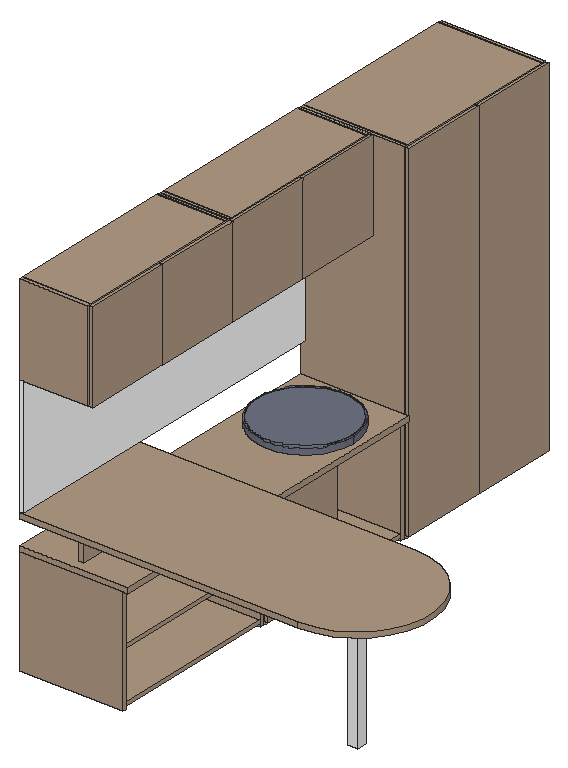
Revit family "T100066", category Furniture, Revit 2013
Parameters (values of type "T100066")
  Width = 108"
  URL = "http://www.ofsbrands.com/"
  Top Core Material = OFS BRANDS STACKS Top Core Wood
  Roll Material = OFS BRANDS STACKS Roll Plastic
  Pull Material = OFS BRANDS STACKS Pull Metal
  Model = "T100066"
  Manufacturer = "FIRST OFFICE"
  Lock Material = OFS BRANDS STACKSLock Metal
  Height = 72"
  Glides Material = OFS BRANDS STACKS Glide Plastic
  Feet Material = OFS BRANDS STACKS Feet Metal
  Drawer Front Material = OFS BRANDS STACKS Drawer Front Wood
  Description = "OFS BRANDS FIRST OFFICE STACKS TYPICAL T100066"
  Depth = 72"
  Cushion Material = OFS BRANDS STACKS Cushion Fabric
  Copyright © = "© 2018 OFS BRANDS"
  Conector Clip Material = OFS BRANDS STACKS Conector Clip Metal
  Chassis Material = OFS BRANDS STACKS Chassis Wood
  Catalog = "http://ofsbrands.com/products/casegoods/private-office/staks-private-office"
  Grommet  Material = OFS BRANDS STACKS Grommet Metal
  Back Coverage Material = OFS BRANDS STACKS Back Coverage Plastic
  Authoring Version = "Autodesk Revit Architecture 2013"
  Assembly Code = "E2020200"
Reference planes (in)
  plane 1 "Center (Front/Back)": y = 0
  plane 2: z = 0
  plane 3 "Center (Left/Right)": x = 0
Forms (in)
  Extrusion 1, solid, material "OFS BRANDS STACKS Top Core Wood" <- "Top Core Material"
    sketch origin (123.1105, -16.33743, 0) x (0, -1, 0) y (1, 0, 0)
      loop
        line (37.66257, -159.11168) -> (37.66257, -102.11051)
        arc (37.66257, -102.11051) -> (22.66257, -87.11051) -> (7.66257, -102.11051) r 15
        line (7.66257, -102.11051) -> (7.66257, -159.11168) -> (37.66257, -159.11168)
    from 27.875 to 29.00005
  Extrusion 2, solid, material "OFS BRANDS STACKS Feet Metal" <- "Feet Material"
    sketch origin (-135.22846, -82.23709, 0) x (0, -1, 0) y (1, 0, 0)
      loop
        line (-42.23709, 157.2286) -> (-44.23709, 157.2286) -> (-44.23709, 155.22846) -> (-42.23709, 155.22846) -> (-42.23709, 157.2286)
    from 0 to 27.6807
  Extrusion 3, solid, material "OFS BRANDS STACKS Feet Metal" <- "Feet Material"
    sketch origin (-135.22846, -82.23709, 27.625) x (0, -1, 0) y (1, 0, 0)
      loop
        line (-40.98709, 158.47846) -> (-45.48709, 158.47846) -> (-45.48709, 153.97846) -> (-40.98709, 153.97846) -> (-40.98709, 158.47846)
    from 0 to 0.25
  Extrusion 4, solid, material "OFS BRANDS STACKS Chassis Wood" <- "Chassis Material"
    sketch origin (-42.98351, -34.56252, -52.91) x (-1, 0, 0) y (0, 0, 1)
      loop
        line (-8.98351, 75.90999) -> (-8.98351, 80.78499) -> (-17.48351, 80.78499) -> (-17.48351, 75.90999) -> (-8.98351, 75.90999)
    from -4.93748 to -3.93748
  Extrusion 5, solid, material "OFS BRANDS STACKS Chassis Wood" <- "Chassis Material"
    sketch origin (-29.43748, -21.01649, -52.91) x (0, 1, 0) y (0, 0, -1)
      loop
        line (-4.98351, -75.90999) -> (-30.98351, -75.90999) -> (-30.98351, -80.78499) -> (-4.98351, -80.78499) -> (-4.98351, -75.90999)
    from -4.93748 to -3.93748
  Extrusion 6, solid, material "OFS BRANDS STACKS Top Core Wood" <- "Top Core Material"
    sketch origin (-167.10836, 51.58939, -6.00005) x (0, 1, 0) y (-1, 0, 0)
      loop
        line (-33.58838, -153.11051) -> (-33.58838, -131.11051) -> (-105.58838, -131.11051) -> (-105.58838, -153.11051) -> (-33.58838, -153.11051)
    from 27.875 to 29.00005
  Extrusion 7, solid, material "OFS BRANDS STACKS Cushion Fabric" <- "Cushion Material"
    sketch origin (-167.10836, 51.58939, -4.875) x (0, 1, 0) y (-1, 0, 0)
      loop
        circle (-46.16636, -142.00903) r 9.74359
    from 27.875 to 29.37503
  Sweep 8, solid, material "OFS BRANDS STACKS Cushion Fabric" <- "Cushion Material"
    path in 3D
      loop
        arc (-34.84292, 5.42302, 24.50003) -> (-25.09933, 15.16661, 24.50003) -> (-15.35574, 5.42302, 24.50003) r 9.74359
        arc (-15.35574, 5.42302, 24.50003) -> (-25.09933, -4.32057, 24.50003) -> (-34.84292, 5.42302, 24.50003) r 9.74359
    profile origin (-25.09933, -4.32057, 24.50003) x (0, -1, 0) y (0, 0, 1)
      loop
        line (0, -1.50003) -> (0.2331, -1.50003) -> (0.2331, -0.25)
        arc (0.2331, -0.25) -> (0.16578, -0.07909) -> (0, 0) r 0.25061
        line (0, 0) -> (0, -1.50003)
  Extrusion 9, solid, material "OFS BRANDS STACKS Chassis Wood" <- "Chassis Material"
    sketch origin (-42.63476, 19.1853, -56.125) x (-1, 0, 0) y (0, 0, 1)
      loop
        line (-6.63476, 56.125) -> (-6.63476, 128.125) -> (-27.88476, 128.125) -> (-27.88476, 56.125) -> (-6.63476, 56.125)
    from -1.1875 to -0.4375
  Extrusion 10, solid, material "OFS BRANDS STACKS Chassis Wood" <- "Chassis Material"
    sketch origin (-42.63476, 52.8125, -56.125) x (-1, 0, 0) y (0, 0, -1)
      loop
        line (-6.63476, -56.125) -> (-27.88476, -56.125) -> (-27.88476, -128.125) -> (-6.63476, -128.125) -> (-6.63476, -56.125)
    from -1.1875 to -0.4375
  Extrusion 11, solid, material "OFS BRANDS STACKS Chassis Wood" <- "Chassis Material"
    sketch origin (-34.75, 59.88477, -56.125) x (0, 1, 0) y (0, 0, 1)
      loop
        line (-6.63476, 56.125) -> (-6.63476, 127.375) -> (-41.13697, 127.375) -> (-41.13697, 56.125) -> (-6.63476, 56.125)
    from -1.1875 to -0.4375
  Extrusion 12, solid, material "OFS BRANDS STACKS Chassis Wood" <- "Chassis Material"
    sketch origin (92.1875, 59.88477, 70.8125) x (1, 0, 0) y (0, -1, 0)
      loop
        line (-106.9375, 6.63476) -> (-106.9375, 41.13697) -> (-128.1875, 41.13697) -> (-128.1875, 6.63476) -> (-106.9375, 6.63476)
    from -1.1875 to -0.4375
  Extrusion 13, solid, material "OFS BRANDS STACKS Drawer Front Wood" <- "Drawer Front Material"
    sketch origin (-15.3075, -30.50671, 1.62228) x (0, -1, 0) y (0, 0, 1)
      loop
        line (-84.4442, 70.31522) -> (-84.4442, -0.87228) -> (-66.56921, -0.87228) -> (-66.56921, 70.31522) -> (-84.4442, 70.31522)
    from -1.3075 to -0.5575
  Extrusion 14, solid, material "OFS BRANDS STACKS Chassis Wood" <- "Chassis Material"
    sketch origin (92.1875, 59.88477, 0.0625) x (1, 0, 0) y (0, -1, 0)
      loop
        line (-106.9375, 6.63476) -> (-106.9375, 41.13697) -> (-127.375, 41.13697) -> (-127.375, 6.63476) -> (-106.9375, 6.63476)
    from -1.1875 to -0.4375
  Extrusion 15, solid, material "OFS BRANDS STACKS Drawer Front Wood" <- "Drawer Front Material"
    sketch origin (-15.3075, -48.5067, 1.62228) x (0, -1, 0) y (0, 0, 1)
      loop
        line (-84.4442, 70.31522) -> (-84.4442, -0.87228) -> (-66.56921, -0.87228) -> (-66.56921, 70.31522) -> (-84.4442, 70.31522)
    from -1.3075 to -0.5575
  Extrusion 16, solid, material "OFS BRANDS STACKS Chassis Wood" <- "Chassis Material"
    sketch origin (-34.81368, 24.98235, -52.91) x (0, 1, 0) y (0, 0, 1)
      loop
        line (-7.73233, 52.91) -> (-7.73233, 74.78494) -> (-42.23233, 74.78494) -> (-42.23233, 52.91) -> (-7.73233, 52.91)
    from -1.18749 to -0.43749
  Extrusion 17, solid, material "OFS BRANDS STACKS Chassis Wood" <- "Chassis Material"
    sketch origin (-42.98351, 16.81252, -52.91) x (-1, 0, 0) y (0, 0, -1)
      loop
        line (-6.98233, -52.91) -> (-28.12243, -52.91) -> (-28.12243, -74.78494) -> (-6.98233, -74.78494) -> (-6.98233, -52.91)
    from -1.18749 to -0.43749
  Extrusion 18, solid, material "OFS BRANDS STACKS Chassis Wood" <- "Chassis Material"
    sketch origin (-42.98351, -18.43748, -52.91) x (-1, 0, 0) y (0, 0, -1)
      loop
        line (-6.98233, -52.91) -> (-28.12243, -52.91) -> (-28.12243, -74.78494) -> (-6.98233, -74.78494) -> (-6.98233, -52.91)
    from -1.18749 to -0.43749
  Extrusion 19, solid, material "OFS BRANDS STACKS Chassis Wood" <- "Chassis Material"
    sketch origin (-42.98351, -19.18748, -52.91) x (-1, 0, 0) y (0, 0, -1)
      loop
        line (-6.98233, -52.91) -> (-28.12243, -52.91) -> (-28.12243, -74.78494) -> (-6.98233, -74.78494) -> (-6.98233, -52.91)
    from -1.18749 to -0.43749
  Extrusion 20, solid, material "OFS BRANDS STACKS Chassis Wood" <- "Chassis Material"
    sketch origin (-42.98351, -54.43748, -52.91) x (-1, 0, 0) y (0, 0, -1)
      loop
        line (-6.98233, -52.91) -> (-28.12243, -52.91) -> (-28.12243, -74.78494) -> (-6.98233, -74.78494) -> (-6.98233, -52.91)
    from -1.18749 to -0.43749
  Extrusion 21, solid, material "OFS BRANDS STACKS Chassis Wood" <- "Chassis Material"
    sketch origin (-34.79859, -60.98231, -52.91) x (0, -1, 0) y (0, 0, -1)
      loop
        line (-7.73233, -52.91) -> (-42.23233, -52.91) -> (-42.23233, -74.78494) -> (-7.73233, -74.78494) -> (-7.73233, -52.91)
    from -1.18749 to -0.43749
  Extrusion 22, solid, material "OFS BRANDS STACKS Drawer Front Wood" <- "Drawer Front Material"
    sketch origin (-15.43368, 51.28798, -12.50272) x (0, 1, 0) y (0, 0, -1)
      loop
        line (-69.22546, -34.37767) -> (-51.34948, -34.37767) -> (-51.34948, -13.25272) -> (-69.22546, -13.25272) -> (-69.22546, -34.37767)
    from -1.31082 to -0.5575
  Extrusion 23, solid, material "OFS BRANDS STACKS Top Core Wood" <- "Top Core Material"
    sketch origin (117.10933, -46.33743, -17.09147) x (0, -1, 0) y (1, 0, 0)
      loop
        line (6.91258, -152.34541) -> (6.91258, -132.12222) -> (-27.58741, -132.12222) -> (-27.58741, -152.34541) -> (6.91258, -152.34541)
    from 28.25005 to 29.00005
  Extrusion 24, solid, material "OFS BRANDS STACKS Top Core Wood" <- "Top Core Material"
    sketch origin (117.10933, -46.33743, -27.75005) x (0, -1, 0) y (1, 0, 0)
      loop
        line (6.91258, -152.34541) -> (6.91258, -132.12222) -> (-27.58741, -132.12222) -> (-27.58741, -152.34541) -> (6.91258, -152.34541)
    from 28.25005 to 29.00005
  Extrusion 25, solid, material "OFS BRANDS STACKS Top Core Wood" <- "Top Core Material"
    sketch origin (117.10933, 10.33747, -27.75005) x (0, 1, 0) y (-1, 0, 0)
      loop
        line (6.91258, 152.34541) -> (-27.58741, 152.34541) -> (-27.58741, 132.12222) -> (6.91258, 132.12222) -> (6.91258, 152.34541)
    from 28.25005 to 29.00005
  Extrusion 26, solid, material "OFS BRANDS STACKS Chassis Wood" <- "Chassis Material"
    sketch origin (-42.98351, -0.81153, -52.91) x (-1, 0, 0) y (0, 0, -1)
      loop
        line (-7.73233, -54.16) -> (-28.12243, -54.16) -> (-28.12243, -74.78494) -> (-7.73233, -74.78494) -> (-7.73233, -54.16)
    from -1.18749 to -0.43749
  Extrusion 27, solid, material "OFS BRANDS STACKS Chassis Wood" <- "Chassis Material"
    sketch origin (-49.88476, 16.8125, -56.125) x (-1, 0, 0) y (0, 0, -1)
      loop
        line (-13.88691, -109.6) -> (-27.88476, -109.6) -> (-27.88476, -128.125) -> (-13.88691, -128.125) -> (-13.88691, -109.6)
    from -1.1875 to -0.4375
  Extrusion 28, solid, material "OFS BRANDS STACKS Chassis Wood" <- "Chassis Material"
    sketch origin (84.9375, 23.88476, 70.8125) x (1, 0, 0) y (0, -1, 0)
      loop
        line (-106.9375, 6.63476) -> (-106.9375, 41.13477) -> (-120.93535, 41.13477) -> (-120.93535, 6.63476) -> (-106.9375, 6.63476)
    from -1.1875 to -0.12501
  Extrusion 29, solid, material "OFS BRANDS STACKS Drawer Front Wood" <- "Drawer Front Material"
    sketch origin (-22.5575, -66.50671, 1.62228) x (0, -1, 0) y (0, 0, 1)
      loop
        line (-84.4442, 70.31522) -> (-84.4442, 51.87772) -> (-66.56921, 51.87772) -> (-66.56921, 70.31522) -> (-84.4442, 70.31522)
    from -1.36751 to -0.5575
  Extrusion 30, solid, material "OFS BRANDS STACKS Chassis Wood" <- "Chassis Material"
    sketch origin (84.9375, 23.88476, 53.34999) x (1, 0, 0) y (0, -1, 0)
      loop
        line (-107, 6.63476) -> (-107, 41.13697) -> (-119.6875, 41.13697) -> (-119.6875, 6.63476) -> (-107, 6.63476)
    from -2.15001 to -1.40001
  Extrusion 31, solid, material "OFS BRANDS STACKS Chassis Wood" <- "Chassis Material"
    sketch origin (84.9375, 23.88476, 52.09999) x (1, 0, 0) y (0, -1, 0)
      loop
        line (-107.75, 6.63476) -> (-107.75, 41.13697) -> (-108.5, 41.13697) -> (-108.5, 6.63476) -> (-107.75, 6.63476)
    from -2.65001 to -1.40001
  Extrusion 32, solid, material "OFS BRANDS STACKS Drawer Front Wood" <- "Drawer Front Material"
    sketch origin (-22.5575, -84.50675, 1.62228) x (0, -1, 0) y (0, 0, 1)
      loop
        line (-84.4442, 70.31522) -> (-84.4442, 51.87772) -> (-66.56921, 51.87772) -> (-66.56921, 70.31522) -> (-84.4442, 70.31522)
    from -1.36751 to -0.5575
  Extrusion 33, solid, material "OFS BRANDS STACKS Chassis Wood" <- "Chassis Material"
    sketch origin (-49.88476, -18.4375, -56.125) x (-1, 0, 0) y (0, 0, -1)
      loop
        line (-13.88691, -109.6) -> (-27.88476, -109.6) -> (-27.88476, -128.125) -> (-13.88691, -128.125) -> (-13.88691, -109.6)
    from -1.1875 to -0.4375
  Extrusion 34, solid, material "OFS BRANDS STACKS Chassis Wood" <- "Chassis Material"
    sketch origin (-49.88476, -52.81246, -56.125) x (-1, 0, 0) y (0, 0, 1)
      loop
        line (-13.88691, 109.6) -> (-13.88691, 128.125) -> (-27.88476, 128.125) -> (-27.88476, 109.6) -> (-13.88691, 109.6)
    from -1.1875 to -0.4375
  Extrusion 35, solid, material "OFS BRANDS STACKS Chassis Wood" <- "Chassis Material"
    sketch origin (84.9375, -59.88473, 70.8125) x (-1, 0, 0) y (0, 1, 0)
      loop
        line (106.9375, 6.63476) -> (120.93535, 6.63476) -> (120.93535, 41.13697) -> (106.9375, 41.13697) -> (106.9375, 6.63476)
    from -1.1875 to -0.12501
  Extrusion 36, solid, material "OFS BRANDS STACKS Drawer Front Wood" <- "Drawer Front Material"
    sketch origin (-22.5575, 30.50674, 1.62228) x (0, 1, 0) y (0, 0, -1)
      loop
        line (-84.4442, -70.31522) -> (-66.56921, -70.31522) -> (-66.56921, -51.87772) -> (-84.4442, -51.87772) -> (-84.4442, -70.31522)
    from -1.36751 to -0.5575
  Extrusion 37, solid, material "OFS BRANDS STACKS Chassis Wood" <- "Chassis Material"
    sketch origin (84.9375, -59.88473, 53.34999) x (-1, 0, 0) y (0, 1, 0)
      loop
        line (107, 6.63476) -> (119.75, 6.63476) -> (119.75, 41.13697) -> (107, 41.13697) -> (107, 6.63476)
    from -2.15001 to -1.40001
  Extrusion 38, solid, material "OFS BRANDS STACKS Chassis Wood" <- "Chassis Material"
    sketch origin (84.9375, -59.88473, 52.09999) x (-1, 0, 0) y (0, 1, 0)
      loop
        line (107.75, 6.63476) -> (108.5, 6.63476) -> (108.5, 41.13697) -> (107.75, 41.13697) -> (107.75, 6.63476)
    from -2.65001 to -1.40001
  Extrusion 39, solid, material "OFS BRANDS STACKS Drawer Front Wood" <- "Drawer Front Material"
    sketch origin (-22.5575, 48.50678, 1.62228) x (0, 1, 0) y (0, 0, -1)
      loop
        line (-84.4442, -70.31522) -> (-66.56921, -70.31522) -> (-66.56921, -51.87772) -> (-84.4442, -51.87772) -> (-84.4442, -70.31522)
    from -1.36751 to -0.5575
  Extrusion 40, solid, material "OFS BRANDS STACKS Chassis Wood" <- "Chassis Material"
    sketch origin (-49.88476, -17.56246, -56.125) x (-1, 0, 0) y (0, 0, 1)
      loop
        line (-13.88691, 109.6) -> (-13.88691, 128.125) -> (-27.88476, 128.125) -> (-27.88476, 109.6) -> (-13.88691, 109.6)
    from -1.1875 to -0.4375
  Extrusion 41, solid, material "OFS BRANDS STACKS Chassis Wood" <- "Chassis Material"
    sketch origin (-34.3125, 23.88477, -56.4375) x (0, 1, 0) y (0, 0, 1)
      loop
        line (-6.63476, 109.9125) -> (-6.63476, 127.375) -> (-41.13697, 127.375) -> (-41.13697, 109.9125) -> (-6.63476, 109.9125)
    from -1.1875 to -0.4375
  Extrusion 42, solid, material "OFS BRANDS STACKS Chassis Wood" <- "Chassis Material"
    sketch origin (-34.3125, -12.11299, -56.4375) x (0, 1, 0) y (0, 0, 1)
      loop
        line (-6.63476, 109.9125) -> (-6.63476, 127.375) -> (-41.13697, 127.375) -> (-41.13697, 109.9125) -> (-6.63476, 109.9125)
    from -1.1875 to -0.4375
  Extrusion 43, solid, material "OFS BRANDS STACKS Back Coverage Plastic" <- "Back Coverage Material"
    sketch origin (-34.3125, -12.11299, -75.4375) x (0, 1, 0) y (0, 0, 1)
      loop
        line (30.11299, 104.6625) -> (30.113, 128.9125) -> (-41.887, 128.9125) -> (-41.887, 104.6625) -> (30.11299, 104.6625)
    from -1.6875 to -0.9375
Lines and regions (in)
  model lines
    curve 1: line (-25.24502, 52.53856, 0) -> (-35.0257, 52.53856, 0)
    curve 2: line (-35.0257, 52.53856, 0) -> (-36, 54, 0)
  sketch lines
    curve 3: arc (-15.35574, 5.42302, 24.50003) -> (-25.09933, -4.32057, 24.50003) -> (-34.84292, 5.42302, 24.50003) r 9.74359
    curve 4: arc (-34.84292, 5.42302, 24.50003) -> (-25.09933, 15.16661, 24.50003) -> (-15.35574, 5.42302, 24.50003) r 9.74359
Dimensions and locks (in)
  aligned and locked: level to plane 2
